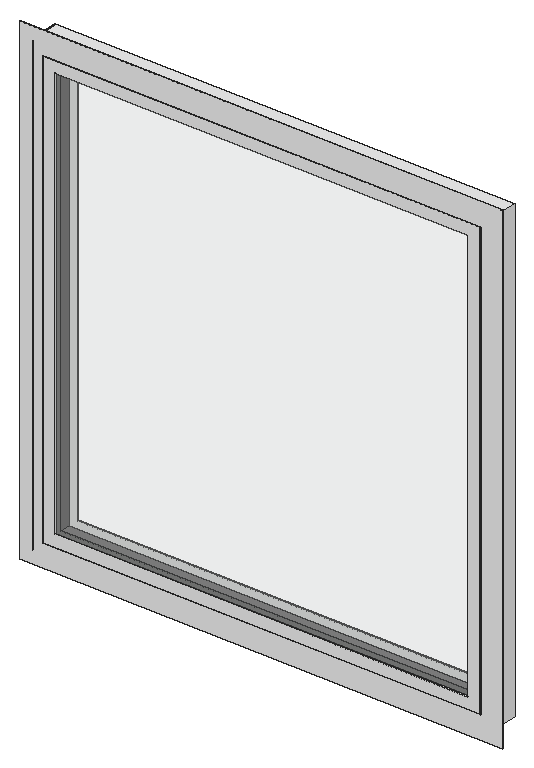
Revit family "Casement_30.5_E_Top_Hung_Custom", category Windows, host Wall, Revit 2014
Parameters (values of type "Casement_Sash_DG")
  Width Sash [instance] = 30 mm
  Width Sash Inner = 15 mm
  Width Bead = 15 mm
  Top Hung [instance] = yes
  Side Hung Right [instance] = yes
  Side Hung Left [instance] = yes
  Sash Opening Width [instance] = 600 mm
  Sash Opening Height [instance] = 600.312 mm
  Sash Lip = 15 mm
  Glazing Material [instance] = Glass
  DG Start Piece 2 [instance] = DG End Piece 1 + DG Gasket Thickness  # 25 mm
  DG Start Peice 1 [instance] = (Depth Sash - (2 * DG Glazing Thickness) - DG Gasket Thickness) / 2  # 6.6 mm
  Glazing Offset = 5 mm
  DG Glazing Thickness [instance] = 6.4 mm
  DG Gasket Thickness = 12 mm  # constant formula
  DG Gasket Material [instance] = Double Glazing Gasket Material
  DG End Piece 2 [instance] = DG Start Piece 2 + DG Glazing Thickness  # 31.4 mm
  DG End Piece 1 [instance] = DG Start Peice 1 + DG Glazing Thickness  # 13 mm
  Depth Sash [instance] = 38 mm
  Center Vertical Sash [instance] = Sash Opening Height / 2  # 300.156 mm
  Center Horizontal Sash [instance] = Sash Opening Width / 2  # 300 mm
  Bottom Hung [instance] = yes
  Bead Offset = 15 mm
  Aluminium Thickness = 1 mm
  Aluminium Material [instance] = White Powder Coated Aluminium
Reference planes
  plane 1 "Center (Front/Back)": y = 0
  plane 2: z = 0
  plane 3 "Center (Left/Right)": x = 0
Forms (mm)
  Sweep 1, solid, material "White Powder Coated Aluminium" <- "Aluminium Material"
    path origin (16.177, 0, 121.331) x (1, 0, 0) y (0, 0, 1)
      loop
        line (0, 0) -> (600, 0) -> (600, 600.312) -> (0, 600.312) -> (0, 0)
    profile origin (316.177, 0, 121.331) x (0, 0, 1) y (0, -1, 0)
      loop
        line (0, 0) -> (30, 0) -> (30, 1) -> (15, 1) -> (15, 38) -> (-15, 38) -> (-15, 37) -> (0, 37) -> (0, 0)
      loop
        line (14, 1) -> (14, 37) -> (1, 37) -> (1, 1) -> (14, 1)
  Sweep 2, solid, material "White Powder Coated Aluminium" <- "Aluminium Material"
    path origin (0, 0, 0) x (1, 0, 0) y (0, 0, 1)
      loop
        line (31.177, 706.643) -> (31.177, 136.331) -> (601.177, 136.331) -> (601.177, 706.643) -> (31.177, 706.643)
    profile origin (316.177, 0, 706.643) x (0, 0, 1) y (0, -1, 0)
      loop
        line (0, 37) -> (0, 38) -> (-15, 38) -> (-15, 37) -> (0, 37)
  Extrusion 3, solid, material "Glass" <- "Glazing Material"
    sketch origin (0, 0, 0) x (1, 0, 0) y (0, 0, 1)
      loop
        line (36.177, 701.643) -> (36.177, 141.331) -> (596.177, 141.331) -> (596.177, 701.643) -> (36.177, 701.643)
    from 6.6 <- "DG Start Peice 1" to 13 <- "DG End Piece 1"
  Extrusion 4, solid, material "Glass" <- "Glazing Material"
    sketch origin (0, 0, 0) x (1, 0, 0) y (0, 0, 1)
      loop
        line (36.177, 701.643) -> (36.177, 141.331) -> (596.177, 141.331) -> (596.177, 701.643) -> (36.177, 701.643)
    from 31.4 <- "DG End Piece 2" to 25 <- "DG Start Piece 2"
  Sweep 5, solid, material "Double Glazing Gasket Material" <- "DG Gasket Material"
    path origin (0, -13, 0) x (1, 0, 0) y (0, 0, 1)
      loop
        line (36.177, 701.643) -> (36.177, 141.331) -> (596.177, 141.331) -> (596.177, 701.643) -> (36.177, 701.643)
    profile origin (316.177, -13, 701.643) x (0, 0, 1) y (0, -1, 0)
      loop
        line (0, 0) -> (0, 12) -> (-7.96, 12) -> (-7.96, 0) -> (0, 0)
Lines and regions (mm)
  model lines
    curve 1: line (1.177, -38, 736.643) -> (31.177, -38, 706.643)
    curve 2: line (601.177, -38, 706.643) -> (631.177, -38, 736.643)
    curve 3: line (601.177, -38, 136.331) -> (631.177, -38, 106.331)
    curve 4: line (1.177, -38, 106.331) -> (31.177, -38, 136.331)
    curve 5: line (631.177, -37, 736.643) -> (616.177, -37, 721.643)
    curve 6: line (1.177, -37, 736.643) -> (16.177, -37, 721.643)
    curve 7: line (1.177, -37, 106.331) -> (16.177, -37, 121.331)
    curve 8: line (631.177, -37, 106.331) -> (616.177, -37, 121.331)
    curve 9: line (616.177, 0, 121.331) -> (586.177, 0, 151.331)
    curve 10: line (46.177, 0, 151.331) -> (16.177, 0, 121.331)
    curve 11: line (616.177, 0, 721.643) -> (586.177, 0, 691.643)
    curve 12: line (46.177, 0, 691.643) -> (16.177, 0, 721.643)
    curve 13: line (31.177, -38, 691.643) -> (46.177, -38, 691.643)
    curve 14: line (586.177, -38, 691.643) -> (601.177, -38, 691.643)
    curve 15: line (586.177, -38, 151.331) -> (601.177, -38, 151.331)
    curve 16: line (31.177, -38, 151.331) -> (46.177, -38, 151.331)
  model lines, style "GenericModelHiddenLines", visible <- "Top Hung"
    curve 17: line (46.386, -31.4, 690.914) -> (316.177, -31.4, 151.331)
    curve 18: line (316.177, -31.4, 151.331) -> (586.177, -31.4, 691.331)
  model lines, style "GenericModelHiddenLines", visible <- "Bottom Hung"
    curve 19: line (46.177, -31.4, 151.331) -> (316.177, -31.4, 691.331)
    curve 20: line (316.177, -31.4, 691.331) -> (586.177, -31.4, 151.331)
  model lines, style "GenericModelHiddenLines", visible <- "Side Hung Left"
    curve 21: line (46.386, -31.4, 690.914) -> (585.24, -31.4, 421.487)
    curve 22: line (585.24, -31.4, 421.487) -> (46.177, -31.4, 151.331)
  model lines, style "GenericModelHiddenLines", visible <- "Side Hung Right"
    curve 23: line (586.177, -31.4, 691.331) -> (46.177, -31.4, 421.487)
    curve 24: line (46.177, -31.4, 421.487) -> (586.177, -31.4, 151.331)
Dimensions and locks
  "Aluminium Thickness": Sweep 1 sketch curve to Sweep 1 sketch curve  (x4)
  "Depth Sash": Sweep 1 sketch curve to Sweep 1 sketch curve
  "Sash Opening Width": Sweep 1 to Sweep 1
  "Sash Opening Height": Sweep 1 to Sweep 1
  "Width Sash": Sweep 1 sketch curve to Sweep 1 sketch curve  (x2)
  "Width Sash Inner": Sweep 1 sketch curve to Sweep 1 sketch curve
  "Sash Lip": Sweep 1 sketch curve to Sweep 1 sketch curve
  "Aluminium Thickness": Sweep 1 to Sweep 2 sketch curve
  "Glazing Offset": Sweep 2 to Extrusion 3 sketch curve  (x3)
  "Glazing Offset": Extrusion 3 sketch curve to Sweep 2
  Sweep 1 to Sweep 1 = 1 mm
  "Aluminium Thickness": Sweep 2 sketch curve to Sweep 2 sketch curve
  "Width Bead": Sweep 2 sketch curve to Sweep 2 sketch curve
  locked: Sweep 5 sketch curve to Sweep 5 sketch curve at 7.96
  "Center Horizontal Sash": Sweep 1 to curve 18
  "Center Horizontal Sash": Sweep 1 to curve 20
  "Center Vertical Sash": Sweep 1 to curve 22
  "Center Vertical Sash": Sweep 1 to curve 24
  aligned and locked: level to plane 2
  aligned and locked: Sweep 1 sketch curve to Sweep 1 sketch curve  (x2)
  aligned and locked: Sweep 2 sketch curve to Sweep 1  (x5)
  aligned and locked: Extrusion 4 sketch curve to Extrusion 3  (x4)
  aligned and locked: Sweep 5 sketch curve to Extrusion 3  (x5)
  aligned and locked: Extrusion 3 to Sweep 5 sketch curve
Automatic sketch dimensions
  plane 3 "Center (Left/Right)" to Sweep 1 sketch curve = 16.177 mm
  level to Sweep 1 sketch curve = 121.331 mm
  plane 3 "Center (Left/Right)" to Sweep 1 sketch curve = 616.177 mm
  level to Sweep 1 sketch curve = 721.643 mm
  profile plane to Sweep 5 sketch curve = 12 mm
  curve 7 to Sweep 1 = 0 mm  (x4)
  curve 6 to Sweep 1 = 0 mm  (x3)
  Sweep 1 to curve 6 = 0 mm
  curve 5 to Sweep 1 = 0 mm  (x3)
  curve 8 to Sweep 1 = 0 mm  (x4)
  Sweep 1 to curve 5 = 0 mm
  curve 16 to Sweep 2 = 0 mm  (x3)
  curve 13 to Sweep 2 = 0 mm  (x3)
  curve 15 to Sweep 2 = 0 mm
  Sweep 2 to curve 15 = 0 mm  (x2)
  curve 14 to Sweep 2 = 0 mm  (x2)
  Sweep 2 to curve 14 = 0 mm
  curve 1 to Sweep 1 = 0 mm  (x4)
  curve 4 to Sweep 1 = 0 mm  (x3)
  Sweep 1 to curve 4 = 0 mm
  curve 3 to Sweep 1 = 0 mm  (x3)
  curve 2 to Sweep 1 = 0 mm  (x4)
  Sweep 1 to curve 3 = 0 mm
  curve 10 to Sweep 1 = 0 mm  (x4)
  curve 12 to Sweep 1 = 0 mm  (x3)
  Sweep 1 to curve 12 = 0 mm
  curve 9 to Sweep 1 = 0 mm  (x4)
  curve 11 to Sweep 1 = 0 mm  (x3)
  Sweep 1 to curve 11 = 0 mm
  Sweep 1 sketch curve to plane 1 "Center (Front/Back)" = 0 mm
  profile plane to Sweep 1 sketch curve = 0 mm
  curve 21 to Extrusion 4 = 10.208 mm
  curve 19 to Extrusion 4 = 10 mm
  curve 23 to Extrusion 4 = 10 mm  (x2)
  curve 22 to Extrusion 4 = 10.937 mm
  curve 20 to Extrusion 4 = 10 mm
  curve 24 to Extrusion 4 = 10 mm
  curve 22 to Extrusion 4 = 10 mm
  curve 18 to Extrusion 4 = 10 mm
  curve 21 to Extrusion 4 = 10.729 mm
  curve 19 to Extrusion 4 = 10.312 mm
  curve 18 to Extrusion 4 = 10.312 mm
